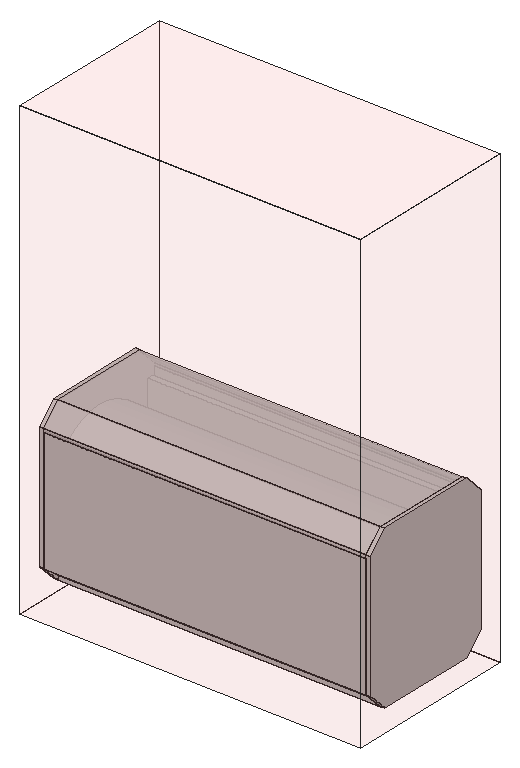
Revit family "Air-Curtain_Specialty_PoweredAire_LDX-Hazardous", category Mechanical Equipment, host Face, Revit 2017
Family settings
  Host = Face
  Round Connector Dimension = Use Diameter
  Part Type = Normal
  OmniClass Number = 23.75.35.17.21
  OmniClass Title = Air Curtains
  Cut with Voids When Loaded = No
  Shared = No
  Room Calculation Point = No
Parameters
  Warranty Duration (Years) = 0
  Unit Width Notes = "Other Widths available."  # constant formula
  Unit Width = 3' - 0"
  Unit Weight = 0
  Unit Height = 1' - 3"
  Unit Depth = 1' - 5 1/2"
  URL = "http://www.poweredaire.com/"
  Test Data = ""
  Standards Conformance = "as Specified"
  Specification = "http://www.arcat.com/sdspecs/htm04/23_34_33pai.htm"
  SpecWizard = ""
  Sound Pressure = "as Specified"
  Sales Information = "http://www.poweredaire.com/contact_us"
  Revision = "R1_2016-08"
  Projection from Host [instance] = 0' - 2"
  Product Properties = ""
  Product Data = "http://www.arcat.com/arcatcos/cos47/arc47623.html"
  Power Rating = 0 W
  Nozzle Width = if(1 = 1, Unit Width - 0' 1", 0' 0")  # 2' - 11"
  Mounting Width = if(1 = 1, Unit Width - 0' 0 15/16", 0' 0")  # 2' - 11 1/16"
  Mounting Height [instance] = 3' - 6"
  Motor RPM = 0
  Motor HP = 0
  Motor Count = 0
  Model = "As Specified"
  Max Height = 0' - 0"
  Manufacturer Website = "http://www.poweredaire.com/"
  Manufacturer Phone - Toll Free = "888-321-2473"
  Manufacturer Phone = "724-588-3305"
  Manufacturer Fax = "724-588-3371"
  Manufacturer Address = "109 Mortensen Rd.  Greenville, PA 16125"
  Manufacturer = "Powered Aire, Inc"
  Maintenance Schedule (Months) = 0
  Keynote = "23 34 33"
  Installation-Fabrication = ""
  Installation Phase = ""
  Include Clearance [instance] = yes
  Heating Element Load = 0 W
  HVAC_Temperature Rise = 0 °F
  HVAC_Outlet Volume = 0 CFM
  HVAC_Outlet Velocity Uniformity = 0
  HVAC_Outlet Velocity = 0 FPM
  Green Building-LEED = "http://www.arcat.com/green/clients/leed_data_47623.html"
  Front Grating Material [instance] = Metal - Steel - PoweredAire - Stainless 304 Perforated
  Frame Finish [instance] = Metal - Steel - PoweredAire - Stainless 304
  Expected Lifespan (Years) = 0
  Electrical_Wattage [instance] = Power Rating + Heating Element Load  # 0 W
  Electrical_Voltage [instance] = 0 V
  Electrical_Phase [instance] = 1
  Electrical_Frequency [instance] = 0 Hz
  Electrical_Amperage [instance] = 0 A
  Drawn By = "Sumex Design, Inc. / Robert S. Weygant, CSI, CDT, SCIP"
  Description = "Powered Aire Air Curtain as Specified"
  Default Elevation = 0' - 0"  # constant formula
  Copyright = "©Arcat Inc."
  Construction Details = "http://www.arcat.com/details/powair/prod3336.html"
  Clearance_Top [instance] = 0' - 2"
  Clearance_Side B [instance] = 0' - 0 1/2"
  Clearance_Side A [instance] = 0' - 0 1/2"
  Clearance_Intake [instance] = 2' - 6"
  Clearance_Bottom [instance] = 0' - 2"
  Clearance Material [instance] = ARCAT Clearance
  Building Codes = ""
  Available Options [instance] = "as Specified"
  Assembly Code = "D3090400"
Reference planes (in)
  plane 1 "Center (Elevation)": y = 0.13818
  plane 2: z = 0
  plane 3 "Center (Left/Right)": x = 0
  plane 4: y = 7.63818
  plane 5: y = -7.36182
  plane 6: x = -18
  plane 7: x = 18
  plane 8: z = 19.5
  plane 9 "FF": y = -41.86182
  plane 10: z = 2
  plane 11: x = 17.5
  plane 12: x = -17.5
  plane 13: y = 9.63818
  plane 14: y = -9.36182
  plane 15: x = -18.5
  plane 16: x = 18.5
  plane 17: z = 49.5
Forms (in)
  Extrusion 1, solid, material "Metal - Steel - PoweredAire - Stainless 304" <- "Frame Finish"
    sketch origin (0, 0, 0) x (0, 1, 0) y (0, 0, 1)
      loop
        line (5.69363, 2) -> (7.63818, 3.94454) -> (7.63818, 17.55546) -> (5.69363, 19.5) -> (-5.41728, 19.5) -> (-7.36182, 17.55546) -> (-7.36182, 3.94454) -> (-5.41728, 2) -> (5.69363, 2)
    from 17.5 to 18
  Extrusion 2, solid, material "Metal - Steel - PoweredAire - Stainless 304" <- "Frame Finish"
    sketch origin (0, 0, -0.5) x (0, 1, 0) y (0, 0, 1)
      loop
        circle (0.13818, 10.9739) r 6.25
      loop
        line (6.63818, 16.89427) -> (6.63818, 5.87829) -> (7.33849, 5.87829) -> (7.33849, 16.89427) -> (6.63818, 16.89427)
      loop
        line (-7.02798, 16.76927) -> (-7.02798, 5.75329) -> (-6.36182, 5.75329) -> (-6.36182, 16.76927) -> (-7.02798, 16.76927)
    from -17.5 to 17.5
  Extrusion 3, solid, material "Metal - Steel - PoweredAire - Stainless 304" <- "Frame Finish"
    sketch origin (0, 0, 0) x (0, 1, 0) y (0, 0, -1)
      loop
        line (5.69363, -2) -> (-5.41728, -2) -> (-7.36182, -3.94454) -> (-7.36182, -17.55546) -> (-5.41728, -19.5) -> (5.69363, -19.5) -> (7.63818, -17.55546) -> (7.63818, -3.94454) -> (5.69363, -2)
    from 17.5 to 18
  Extrusion 4, solid, material "Metal - Steel - PoweredAire - Stainless 304" <- "Frame Finish"
    sketch origin (0, 0, 0) x (0, 1, 0) y (0, 0, 1)
      loop
        line (-5.41728, 2) -> (5.69363, 2) -> (7.63818, 3.94454) -> (7.63818, 17.19454) -> (7.51318, 17.19454) -> (7.51318, 3.99632) -> (5.64186, 2.125) -> (-5.29228, 2.125) -> (-5.29228, 4.06954) -> (-7.23682, 4.06954) -> (-7.23682, 17.19454) -> (-7.36182, 17.19454) -> (-7.36182, 3.94454) -> (-5.41728, 3.94454) -> (-5.41728, 2)
      loop
        line (-6.64819, 3.61034) -> (-5.8702, 2.83235) -> (-5.74472, 2.95783) -> (-6.52271, 3.73583) -> (-6.64819, 3.61034)
    from -17.5 to 17.5
  Extrusion 5, solid, material "Metal - Steel - PoweredAire - Stainless 304 Perforated" <- "Front Grating Material"
    sketch origin (0, 0, 0) x (0, 1, 0) y (0, 0, 1)
      loop
        line (-7.36182, 17.19454) -> (-7.23682, 17.19454) -> (-7.23682, 17.50368) -> (-5.3655, 19.375) -> (5.64186, 19.375) -> (7.51318, 17.50368) -> (7.51318, 17.19454) -> (7.63818, 17.19454) -> (7.63818, 17.55546) -> (5.69363, 19.5) -> (-5.41728, 19.5) -> (-7.36182, 17.55546) -> (-7.36182, 17.19454)
    from -17.5 to 17.5
  Extrusion 6, solid, material "ARCAT Clearance" <- "Clearance Material", visible <- "Include Clearance"
    sketch origin (0, 0, 0) x (0, 1, 0) y (0, 0, 1)
      loop
        line (-9.36182, 49.5) -> (-9.36182, 0) -> (9.63818, 0) -> (9.63818, 49.5) -> (-9.36182, 49.5)
    from -18.5 to 18.5
Dimensions and locks (in)
  equal spacing: plane 4, plane 1 "Center (Elevation)", plane 5
  "Unit Height": plane 4 to plane 5
  equal spacing: plane 6, plane 3 "Center (Left/Right)", plane 7
  "Unit Width": plane 6 to plane 7
  "Mounting Height": plane 1 "Center (Elevation)" to plane 9 "FF"
  "Projection from Host": plane 10 to level
  "Unit Depth": plane 8 to plane 10
  locked: plane 6 to plane 12 at 0.5
  locked: plane 11 to plane 7 at 0.5
  "Clearance_Side A": plane 7 to plane 16
  "Clearance_Side B": plane 15 to plane 6
  "Clearance_Top": plane 13 to plane 4
  "Clearance_Bottom": plane 5 to plane 14
  "Clearance_Intake": plane 17 to plane 8
  aligned and locked: plane 2 to host face
  aligned and locked: level to host face
  aligned and locked: plane 7 to Extrusion 1
  aligned and locked: Extrusion 1 to plane 11
  aligned and locked: plane 12 to Extrusion 3
  aligned and locked: Extrusion 3 to plane 6
  aligned and locked: Extrusion 2 to plane 12
  aligned and locked: plane 11 to Extrusion 2
  aligned and locked: plane 11 to Extrusion 4
  aligned and locked: Extrusion 4 to plane 12
  aligned and locked: plane 11 to Extrusion 5
  aligned and locked: Extrusion 5 to plane 12
  aligned and locked: Extrusion 6 sketch curve to plane 17
  aligned and locked: plane 14 to Extrusion 6 sketch curve
  aligned and locked: level to Extrusion 6 sketch curve
  aligned and locked: Extrusion 6 sketch curve to plane 13
  aligned and locked: plane 16 to Extrusion 6
  aligned and locked: Extrusion 6 to plane 15
Automatic sketch dimensions
  host sketch curve to host sketch curve = 8' - 0"  (x2)
  Extrusion 1 sketch curve to plane 5 = 0' - 0"
  Extrusion 1 sketch curve to plane 8 = 0' - 0"
  Extrusion 1 sketch curve to plane 10 = 0' - 0"
  Extrusion 1 sketch curve to plane 4 = 0' - 0"
  plane 5 to Extrusion 1 sketch curve = 0' - 1.94454"  (x2)
  Extrusion 1 sketch curve to plane 4 = 0' - 1.94454"  (x2)
  plane 10 to Extrusion 1 sketch curve = 0' - 1.94454"  (x2)
  Extrusion 1 sketch curve to plane 8 = 0' - 1.94454"  (x2)
  Extrusion 2 sketch curve to plane 1 "Center (Elevation)" = 0' - 0"
  plane 5 to Extrusion 2 sketch curve = 0' - 1"
  plane 5 to Extrusion 2 sketch curve = 0' - 0.33384"
  Extrusion 2 sketch curve to plane 4 = 0' - 1"
  Extrusion 2 sketch curve to plane 4 = 0' - 0.29969"
  plane 10 to Extrusion 2 sketch curve = 0' - 3.37829"
  plane 10 to Extrusion 2 sketch curve = 0' - 3.25329"
  Extrusion 2 sketch curve to plane 8 = 0' - 9.0261"
  Extrusion 2 sketch curve to plane 8 = 0' - 3.23073"
  Extrusion 2 sketch curve to plane 8 = 0' - 3.10573"
  Extrusion 3 sketch curve to plane 5 = 0' - 0"
  Extrusion 3 sketch curve to plane 8 = 0' - 0"
  Extrusion 3 sketch curve to plane 10 = 0' - 0"
  Extrusion 3 sketch curve to plane 4 = 0' - 0"
  plane 5 to Extrusion 3 sketch curve = 0' - 1.94454"  (x2)
  Extrusion 3 sketch curve to plane 4 = 0' - 1.94454"  (x2)
  Extrusion 3 sketch curve to plane 8 = 0' - 1.94454"  (x2)
  plane 10 to Extrusion 3 sketch curve = 0' - 1.94454"  (x2)
  Extrusion 4 sketch curve to plane 5 = 0' - 0"
  Extrusion 4 sketch curve to plane 10 = 0' - 0"
  Extrusion 4 sketch curve to plane 4 = 0' - 0"
  plane 5 to Extrusion 4 sketch curve = 0' - 0 1/8"
  plane 5 to Extrusion 4 sketch curve = 0' - 0.71363"
  Extrusion 4 sketch curve to Extrusion 4 sketch curve = 0' - 0.12548"  (x2)
  Extrusion 4 sketch curve to Extrusion 4 sketch curve = 0' - 0.778"
  Extrusion 4 sketch curve to Extrusion 4 sketch curve = 0' - 0.32744"
  Extrusion 4 sketch curve to Extrusion 4 sketch curve = 0' - 0 1/8"  (x2)
  plane 10 to Extrusion 4 sketch curve = 0' - 0 1/8"
  Extrusion 4 sketch curve to plane 4 = 0' - 1.99632"
  Extrusion 4 sketch curve to Extrusion 4 sketch curve = 0' - 0.05178"  (x2)
  plane 10 to Extrusion 4 sketch curve = 0' - 0.83235"
  plane 10 to Extrusion 4 sketch curve = 0' - 1.94454"
  Extrusion 4 sketch curve to Extrusion 4 sketch curve = 0' - 0.3342"
  Extrusion 4 sketch curve to plane 4 = 0' - 0 1/8"
  Extrusion 4 sketch curve to plane 8 = 0' - 2.30546"  (x2)
  Extrusion 5 sketch curve to plane 5 = 0' - 0"
  Extrusion 5 sketch curve to plane 8 = 0' - 0"
  Extrusion 5 sketch curve to plane 4 = 0' - 0"
  plane 5 to Extrusion 5 sketch curve = 0' - 0 1/8"
  plane 5 to Extrusion 5 sketch curve = 0' - 1.94454"
  Extrusion 5 sketch curve to plane 8 = 0' - 0 1/8"
  Extrusion 5 sketch curve to Extrusion 5 sketch curve = 0' - 0.05178"  (x4)
  Extrusion 5 sketch curve to plane 4 = 0' - 1.99632"
  Extrusion 5 sketch curve to plane 8 = 0' - 1.94454"  (x2)
  Extrusion 5 sketch curve to Extrusion 5 sketch curve = 0' - 0 1/8"
  Extrusion 5 sketch curve to Extrusion 5 sketch curve = 0' - 0.30914"  (x2)
  radius of Extrusion 2 sketch curve = 0' - 6 1/4"
Connectors (in)
  electrical at (0, 7.63818, 10.56954), driven by "Electrical_Phase", driven by "Electrical_Voltage"
    settings: on Extrusion 4, index 1, voltage 0 V, apparent load 0 VA, apparent load phase1 0 VA, apparent load phase2 0 VA, apparent load phase3 0 VA, power factor 1, load classification "Motor", number of poles 1, system type 31, power factor state 1, is connector primary yes, connector utility no, sub classification motor no, connector description ""
